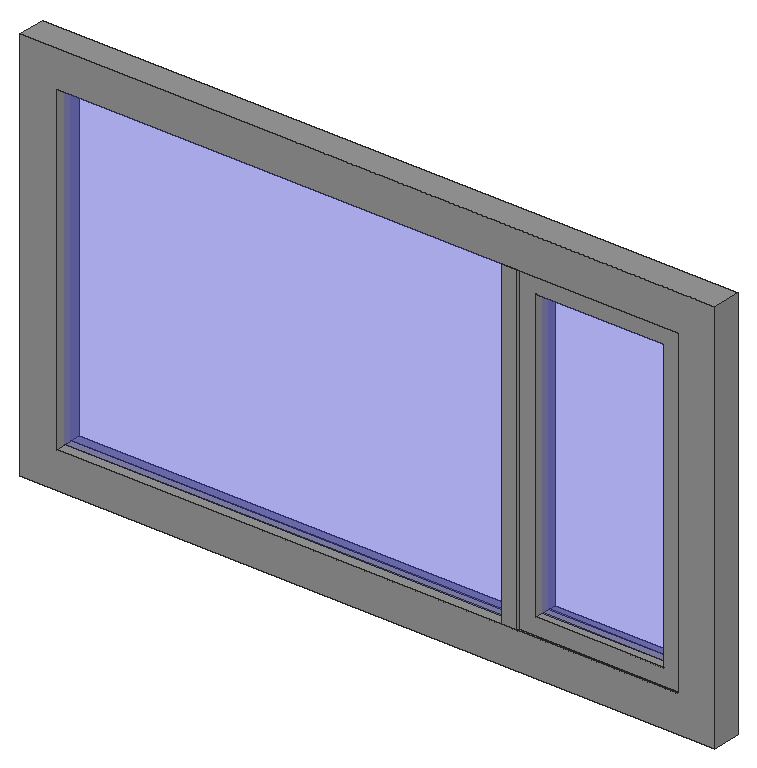
Revit family "Family23", category Windows, host Wall, Revit 2018
Family settings
  Host = Wall
  OmniClass Number = 23.30.20.00
  OmniClass Title = Windows
  Always vertical = Yes
  Cut with Voids When Loaded = No
  Shared = No
  Room Calculation Point = No
Parameters
  Window Frame = White
  Visual Light Transmittance = 0.81
  URL = "www.skywardwindows.co.za"
  Thermal Resistance (R) = 0.3196 (m²·K)/W
  Telephone = "021 276 1800"
  Solar Heat Gain Coefficient = 0.76
  Manufacturer = "Skyward Windows"
  Height = 1190 mm
  Heat Transfer Coefficient (U) = 3.1292 W/(m²·K)
  Glass Thickness = 4 mm
  Glass = Glass
  Frame Width = 46.195 mm
  Email Address = "info@skywardwindows.co.za"
  Default Sill Height = 800 mm
  Wall Closure = By host
  Width = 2090 mm
  Company Address = "Charles Matthews Street Atlantis 7349"
  Analytic Construction = "Double glazing - domestic"
Reference planes
  plane 1 "Center (Front/Back)": y = 0
  plane 2 "Center (Left/Right)": x = 0
  plane 3 "Left": x = -1045
  plane 4 "Right": x = 1045
  plane 5 "Sill": z = 800
  plane 6 "Head": z = 1990
  plane 7 "Exterior": y = 100
  plane 8 "Interior": y = -100
Forms (mm)
  Extrusion 1, solid, material "White" <- "Window Frame"
    sketch origin (0, -100, 0) x (1, 0, 0) y (0, 0, 1)
      loop
        line (-1045, 1990) -> (-1045, 800) -> (1045, 800) -> (1045, 1990) -> (-1045, 1990)
      loop
        line (-936, 909) -> (936, 909) -> (936, 1881) -> (-936, 1881) -> (-936, 909)
    from -142 to -58
  Extrusion 2, solid, material "White" <- "Window Frame"
    sketch origin (0, -100, 0) x (1, 0, 0) y (0, 0, 1)
      loop
        line (450, 1881) -> (450, 909) -> (936, 909) -> (936, 1881) -> (450, 1881)
      loop
        line (500, 1831) -> (500, 959) -> (886, 959) -> (886, 1831) -> (500, 1831)
    from -134.904 to -64.489
  Extrusion 3, solid, material "White" <- "Window Frame"
    sketch origin (150, -100, 0) x (1, 0, 0) y (0, 0, 1)
      loop
        line (300, 1881) -> (253.805, 1881) -> (253.805, 909) -> (300, 909) -> (300, 1881)
    from -142 to -58
  Extrusion 4, solid, material "Glass" <- "Glass"
    sketch origin (0, 0, 0) x (1, 0, 0) y (0, 1, 0)
      loop
        line (-936, 14) -> (-936, 10) -> (403.805, 10) -> (403.805, 14) -> (-936, 14)
      loop
        line (403.805, -14) -> (403.805, -10) -> (-936, -10) -> (-936, -14) -> (403.805, -14)
    from 909 to 1881
  Extrusion 5, solid, material "Glass" <- "Glass"
    sketch origin (0, 0, 0) x (1, 0, 0) y (0, 1, 0)
      loop
        line (500, 14) -> (500, 10) -> (886, 10) -> (886, 14) -> (500, 14)
      loop
        line (886, -14) -> (886, -10) -> (500, -10) -> (500, -14) -> (886, -14)
    from 959 to 1831
Lines and regions (mm)
  Opening 1
    outline origin (3500, -100, 0) x (1, 0, 0) y (0, 0, 1)
      loop
        line (-2455, 800) -> (-2455, 1990) -> (-4545, 1990) -> (-4545, 800) -> (-2455, 800)
Text (mm)
  text "EXTERIOR" at (-1963.203, 1332.353, 0), in view "Ref. Level"
  text "INTERIOR" at (-1981.466, -818.386, 0), in view "Ref. Level"
  text "Exterior" at (0, 923.751, 2943.296), in view "Right"
  text "Exterior" at (0, 1040.484, 2685.409), in view "Left"
Dimensions and locks
  equal spacing: plane 3 "Left", plane 2 "Center (Left/Right)", plane 4 "Right"
  "Width": plane 3 "Left" to plane 4 "Right"
  "Height": plane 5 "Sill" to plane 6 "Head"
  "Default Sill Height": plane 5 "Sill" to level
  locked: plane 7 "Exterior" to host wall at 0
  locked: plane 8 "Interior" to host wall
  "Glass Thickness": Extrusion 4 to Extrusion 4
  "Glass Thickness": Extrusion 5 to Extrusion 5
  aligned and locked: Extrusion 1 sketch curve to host wall  (x4)
Automatic sketch dimensions
  Opening 1 sketch curve to plane 3 "Left" = 0 mm
  Opening 1 sketch curve to plane 4 "Right" = 0 mm
  Opening 1 sketch curve to plane 5 "Sill" = 0 mm
  Opening 1 sketch curve to plane 6 "Head" = 0 mm
  Extrusion 1 sketch curve to plane 3 "Left" = 109 mm
  plane 4 "Right" to Extrusion 1 sketch curve = 109 mm
  Extrusion 1 sketch curve to plane 5 "Sill" = 109 mm
  plane 6 "Head" to Extrusion 1 sketch curve = 109 mm
  Extrusion 2 sketch curve to plane 5 "Sill" = 109 mm
  Extrusion 2 sketch curve to plane 2 "Center (Left/Right)" = 450 mm
  Extrusion 2 sketch curve to Extrusion 2 sketch curve = 50 mm  (x4)
  plane 4 "Right" to Extrusion 2 sketch curve = 159 mm
  plane 6 "Head" to Extrusion 2 sketch curve = 159 mm
  Extrusion 3 sketch curve to Extrusion 3 sketch curve = 46.195 mm
  Extrusion 3 sketch curve to plane 5 "Sill" = 109 mm
  plane 6 "Head" to Extrusion 3 sketch curve = 109 mm
  Extrusion 3 sketch curve to plane 2 "Center (Left/Right)" = 403.805 mm
  Extrusion 4 sketch curve to host wall = 14 mm
  Extrusion 4 sketch curve to plane 3 "Left" = 109 mm
  Extrusion 4 sketch curve to Extrusion 4 sketch curve = 0 mm  (x2)
  Extrusion 4 sketch curve to plane 2 "Center (Left/Right)" = 403.805 mm
  host wall to Extrusion 4 sketch curve = 10 mm
  Extrusion 4 sketch curve to Extrusion 4 sketch curve = 4 mm  (x2)
  Extrusion 5 sketch curve to host wall = 14 mm
  Extrusion 5 sketch curve to plane 2 "Center (Left/Right)" = 500 mm
  Extrusion 5 sketch curve to Extrusion 5 sketch curve = 0 mm  (x2)
  plane 4 "Right" to Extrusion 5 sketch curve = 159 mm
  host wall to Extrusion 5 sketch curve = 10 mm
  Extrusion 5 sketch curve to Extrusion 5 sketch curve = 4 mm  (x2)
